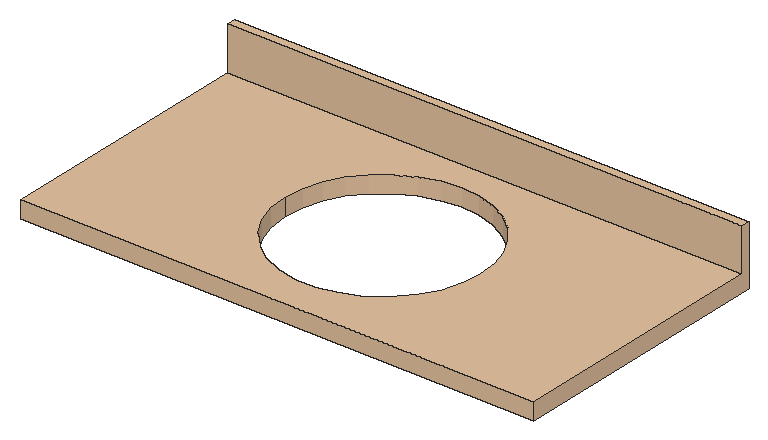
Revit family "M_Topo de bancada do banheiro com buraco de pia redondo", category Componentes de gabinete, Revit 2019
Family settings
  Número OmniClass = 23.40.35.17.47.14
  Título OmniClass = Bathroom Casework
  ID de item do Seek = Vanity Counter Top w Round Sink Hole-0000-CAN-ENU
  Com base no plano de trabalho = Não
  Sempre na vertical = Sim
  Corte com vazios quando carregada = Não
  Compartilhado = Sim
  Ponto de cálculo do ambiente = Não
Parameters (values of type "Profundidade 600 mm")
  Espessura da bancada = 40 mm
  Material do topo da bancada = none
  Linear = 625 mm
  Altura = 750 mm
  Comprimento [instance] = 1200 mm
  Localização da pia [instance] = 600 mm
  Localização da pia em relação a parede [instance] = 100 mm
  Largura da abertura da pia [instance] = 432 mm
Reference planes
  plane 1 "Parte posterior": y = 0
  plane 2: z = 0
  plane 3 "Esquerda": x = -1327.462
  plane 4 "Direita": x = -127.462
  plane 5 "Parte frontal": y = -625
  plane 6 "Superior": z = 750
  plane 7 "Topo do armário": z = 710
  plane 8: y = -19.05
  plane 9: z = 851.6
  plane 10: x = -727.462
  plane 11: y = -100
  plane 12: x = -511.462
  plane 13: x = -943.462
  plane 14: y = -316
  plane 15: y = -532
Forms (mm)
  Extrusion 1, solid, material <- "Material do topo da bancada"
    sketch origin (0, 0, 0) x (1, 0, 0) y (0, 1, 0)
      loop
        line (-1327.462, 0) -> (-1327.462, -625) -> (-127.462, -625) -> (-127.462, 0) -> (-1327.462, 0)
    from 710 to 750
  Extrusion 2, solid, material <- "Material do topo da bancada"
    sketch origin (0, 0, 0) x (1, 0, 0) y (0, 1, 0)
      loop
        line (-127.462, 0) -> (-1327.462, 0) -> (-1327.462, -19.05) -> (-127.462, -19.05) -> (-127.462, 0)
    from 750 to 851.6
  Extrusion 3, void
    sketch origin (0, 0, 0) x (1, 0, 0) y (0, 1, 0)
      loop
        circle (-727.462, -316) r 228.7
    from 710 to 750
Cuts and joins
  Extrusion 3 cuts Extrusion 1
  Extrusion 3 cuts Extrusion 2
  joined: Extrusion 1, Extrusion 2
Lines and regions (mm)
  Masking region 1
    outline origin (0, 0, 710) x (-1, 0, 0) y (0, -1, 0)
      loop
        line (1327.462, 0) -> (1327.462, 625) -> (127.462, 625) -> (127.462, 0) -> (1327.462, 0)
  symbolic lines, style "Topo da bancada"
    curve 1: line (-1327.462, -19.05, 710) -> (-127.462, -19.05, 710)
  symbolic lines, style "Abertura da pia"
    curve 2: arc (-511.462, -316, 710) -> (-727.462, -100, 710) -> (-943.462, -316, 710) r 216
    curve 3: arc (-943.462, -316, 710) -> (-727.462, -532, 710) -> (-511.462, -316, 710) r 216
Dimensions and locks
  "Linear": plane 5 "Parte frontal" to plane 1 "Parte posterior"
  "Comprimento": plane 3 "Esquerda" to plane 4 "Direita"
  "Altura": level to plane 6 "Superior"
  "Espessura da bancada": plane 7 "Topo do armário" to plane 6 "Superior"
  locked: plane 8 to plane 1 "Parte posterior" at 19.05
  plane 6 "Superior" to plane 9 = 101.6 mm
  "Largura da abertura da pia": plane 13 to plane 12
  "Localização da pia": plane 3 "Esquerda" to plane 10
  equal spacing: plane 13, plane 10, plane 12
  "Localização da pia em relação a parede": plane 11 to plane 1 "Parte posterior"
  equal spacing: plane 15, plane 14, plane 11
  "Largura da abertura da pia": plane 15 to plane 11
  aligned and locked: plane 1 "Parte posterior" to Extrusion 1 sketch curve
  aligned and locked: plane 4 "Direita" to Extrusion 1 sketch curve
  aligned and locked: Extrusion 1 sketch curve to plane 5 "Parte frontal"
  aligned and locked: Extrusion 1 sketch curve to plane 3 "Esquerda"
  aligned and locked: plane 6 "Superior" to Extrusion 1
  aligned and locked: Extrusion 1 to plane 7 "Topo do armário"
  aligned and locked: Extrusion 2 sketch curve to plane 1 "Parte posterior"
  aligned and locked: plane 8 to Extrusion 2 sketch curve
  aligned and locked: Extrusion 2 sketch curve to plane 4 "Direita"
  aligned and locked: plane 3 "Esquerda" to Extrusion 2 sketch curve
  aligned and locked: Extrusion 2 to plane 9
  aligned and locked: Extrusion 2 to plane 6 "Superior"
  aligned and locked: plane 6 "Superior" to Extrusion 3
  aligned and locked: Extrusion 1 to Extrusion 3
  aligned and locked: Masking region 1 sketch curve to plane 3 "Esquerda"
  aligned and locked: plane 4 "Direita" to Masking region 1 sketch curve
  aligned and locked: Masking region 1 sketch curve to plane 5 "Parte frontal"
  aligned and locked: plane 1 "Parte posterior" to Masking region 1 sketch curve
Automatic sketch dimensions
  Extrusion 3 sketch curve to plane 14 = 0 mm
  Extrusion 3 sketch curve to plane 10 = 0 mm
  plane 13 to Extrusion 3 sketch curve = 12.7 mm
  curve 1 to plane 4 "Direita" = 0 mm
  curve 1 to plane 3 "Esquerda" = 0 mm
  curve 1 to plane 8 = 0 mm
  curve 3 to plane 12 = 0 mm
  curve 3 to plane 10 = 0 mm
  curve 2 to plane 14 = 0 mm
